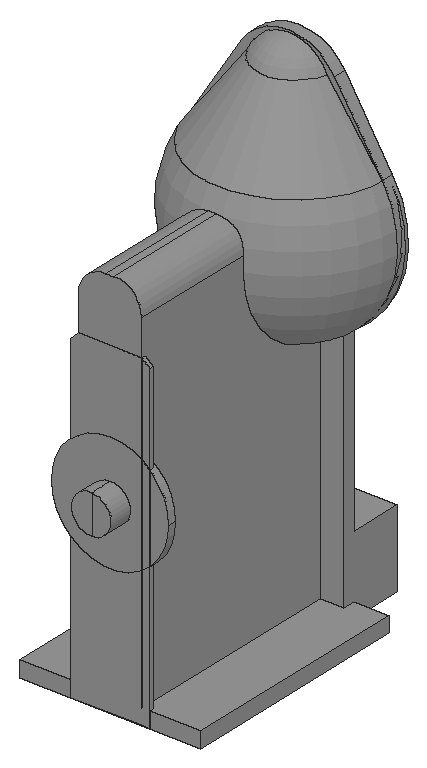
Revit family "Toilet-Willoughby-1490--ETF-FM-12-BS-FA", category Plumbing Fixtures, host Face, Revit 2014
Parameters (values of type "Standard")
  Waste DIA = 2 1/2"
  Waste Connection = yes
  W-RAD [instance] = Waste DIA / 2  # 0' - 1 1/4"
  URL = "www.willoughby-ind.com"
  Type Comments = "12\" Rough IN"
  Revision = "A"
  Model = "ETF-1490-FM-12-BS-FA"
  Manufacturer = "Willoughby Industries"
  Flush inlet DIA = 1 1/2"
  Fixture Body = Stainless Steel AISI 304-Willoughby
  F-RAD [instance] = Flush inlet DIA / 2  # 0' - 0 3/4"
  Description = "Floor Mounted Toilet"
  Default Elevation = 0' - 0"
  Contact Number = "(800) 428-4065"
  CW Connection = yes
Reference planes (in)
  plane 1 "Base": y = -16.25
  plane 2: z = 0
  plane 3 "Center": x = 18.31072
  plane 4 "Waste height": y = -4.75
  plane 5: y = -1.25
  plane 6: z = -6.75
  plane 7: y = -2.125
  plane 8: y = -14.0625
  plane 9: y = 0
  plane 10: x = 16.56072
  plane 11: x = 20.06072
  plane 12: x = 11.56072
  plane 13: x = 25.06072
  plane 14: z = 23
  plane 15: z = 30.75
  plane 16: x = 15.81072
  plane 17: x = 20.81072
  plane 18: x = 16.31072
  plane 19: x = 20.31072
  plane 20: z = 12
  plane 21: x = 12.56072
  plane 22: x = 24.06072
  plane 23: y = 2.75
  plane 24: z = 32.75
  plane 25: z = 25
Forms (in)
  Extrusion 1, solid, material "Stainless Steel AISI 304-Willoughby" <- "Fixture Body"
    sketch origin (16.08109, 7.47968, -0.20225) x (-1, 0, 0) y (0, 0, -1)
      loop
        line (1.29775, -16.80087) -> (1.29775, -1.20225) -> (-5.72963, -1.20225) -> (-5.72963, -16.81676)
        arc (-5.72963, -16.81676) -> (-8.98136, -21.11843) -> (-8.21015, -26.45542) r 7
        line (-8.21015, -26.45542) -> (-5.16818, -31.31054)
        arc (-5.16818, -31.31054) -> (-2.20225, -32.95225) -> (0.76368, -31.31054) r 3.5
        line (0.76368, -31.31054) -> (3.80565, -26.45542)
        arc (3.80565, -26.45542) -> (4.5729, -21.10311) -> (1.29775, -16.80087) r 7
      loop
        arc (2.03989, -24.70557) -> (-2.20225, -18.23804) -> (-6.44438, -24.70557) r 4.625
        line (-6.44438, -24.70557) -> (-4.04125, -30.23842)
        arc (-4.04125, -30.23842) -> (-2.20225, -31.45225) -> (-0.36324, -30.23842) r 2
        line (-0.36324, -30.23842) -> (2.03989, -24.70557)
    from 8.72968 to 9.5
  Revolve 2, solid, material "Stainless Steel AISI 304-Willoughby" <- "Fixture Body"
    sketch origin (19.37246, -1.52032, 3.00169) x (-1, 0, 0) y (0, 0, -1)
      loop
        line (1.06174, -12.59906) -> (1.06174, -12.84906)
        arc (1.06174, -12.84906) -> (7.03046, -17.88333) -> (5.08904, -25.44643) r 7.34171
        line (5.08904, -25.44643) -> (3.31535, -27.91457)
        arc (3.31535, -27.91457) -> (2.42192, -29.02159) -> (1.06174, -29.43826) r 2.42844
        line (1.06174, -29.43826) -> (1.06174, -29.68826)
        arc (1.06174, -29.68826) -> (2.54295, -29.2403) -> (3.52767, -28.04656) r 2.67283
        line (3.52767, -28.04656) -> (7.06964, -23.19143)
        arc (7.06964, -23.19143) -> (7.15052, -16.14555) -> (1.06174, -12.59906) r 7
      axis (1.06174, -12.59906) -> (1.06174, -29.68826)
    angle from 0 to -180
  Extrusion 3, solid, material "Stainless Steel AISI 304-Willoughby" <- "Fixture Body"
    sketch origin (19.53334, -3.02032, -2.9508) x (0, 1, 0) y (0, 0, 1)
      loop
        line (-4.42257, 3.9508) -> (1.02643, 3.9508) -> (1.02643, 18.97156)
        arc (1.02643, 18.97156) -> (-2.31062, 20.32275) -> (-4.42257, 23.23845) r 6.52287
        line (-4.42257, 23.23845) -> (-4.42257, 3.9508)
    from 0.77738 to -3.22262
  Extrusion 4, solid, material "Stainless Steel AISI 304-Willoughby" <- "Fixture Body"
    sketch origin (18.31072, 0, -1) x (0, 1, 0) y (0, 0, 1)
      loop
        line (-1.25, 1) -> (2.25, 1) -> (2.25, 6) -> (-1.25, 6) -> (-1.25, 1)
    from -3.52738 to 3.5
  Extrusion 5, solid, material "Stainless Steel AISI 304-Willoughby" <- "Fixture Body", detail levels fine
    sketch origin (0, 0, 0) x (1, 0, 0) y (0, 1, 0)
      loop
        circle (18.31072, 0) r 0.75
    from -2.46088 to 1
  Extrusion 6, solid, material "Stainless Steel AISI 304-Willoughby" <- "Fixture Body"
    sketch origin (0, -16.25, 0) x (1, 0, 0) y (0, 0, 1)
      loop
        line (24.06072, 0) -> (24.06072, 1) -> (12.56072, 1) -> (12.56072, 0) -> (24.06072, 0)
    from -15 to 0
  Extrusion 7, solid, material "Stainless Steel AISI 304-Willoughby" <- "Fixture Body"
    sketch origin (0, -16.25, 2) x (1, 0, 0) y (0, 0, 1)
      loop
        line (20.31072, -1) -> (20.31072, 21.25)
        arc (20.31072, 21.25) -> (19.79816, 22.48744) -> (18.56072, 23) r 1.75
        line (18.56072, 23) -> (18.06072, 23)
        arc (18.06072, 23) -> (16.82328, 22.48744) -> (16.31072, 21.25) r 1.75
        line (16.31072, 21.25) -> (16.31072, -1) -> (20.31072, -1)
    from 0 to -8.80711
  Revolve 8, solid, material "Stainless Steel AISI 304-Willoughby" <- "Fixture Body"
    sketch origin (18.31072, 0, 0) x (0, 1, 0) y (0, 0, 1)
      loop
        line (-17.75, 12) -> (-14.75, 12) -> (-14.75, 13.25) -> (-17.75, 13.25) -> (-17.75, 12)
      axis (-14.75, 12) -> (-17.75, 12)
    angle from 0 to 360
  Extrusion 9, solid, material "Stainless Steel AISI 304-Willoughby" <- "Fixture Body"
    sketch origin (0, -16.25, 0) x (1, 0, 0) y (0, 0, 1)
      loop
        circle (18.31072, 12) r 3.75
    from 0 to -0.5
  Extrusion 10, solid, material "Stainless Steel AISI 304-Willoughby" <- "Fixture Body"
    sketch origin (0, -16.25, 0) x (1, 0, 0) y (0, 0, 1)
      loop
        line (20.31072, 0) -> (20.81072, 0) -> (20.81072, 20.50876) -> (20.31948, 21) -> (16.32652, 21) -> (15.81072, 20.4842) -> (15.81072, 0) -> (16.31072, 0) -> (20.31072, 0)
    from 0 to -0.25
Cuts and joins
  joined: Extrusion 1, Extrusion 3, Extrusion 4, Extrusion 6, Extrusion 7
Lines and regions (in)
  symbolic lines
    curve 1: line (24.06072, -16.25, 0) -> (12.56072, -16.25, 0)
    curve 2: line (11.28334, -2.02032, 0) -> (11.28334, -1.25, 0)
    curve 3: line (11.28334, -1.25, 0) -> (25.28334, -1.25, 0)
    curve 4: line (25.28334, -1.25, 0) -> (25.28334, -2.02032, 0)
    curve 5: arc (25.28334, -2.02032, 0) -> (23.08274, -6.65012, 0) -> (18.31072, -8.52239, 0) r 6.9694
    curve 6: arc (18.31072, -8.52239, 0) -> (13.52881, -6.64203, 0) -> (11.28334, -2.02032, 0) r 7.06935
    curve 7: line (24.06072, -5.51876, 0) -> (24.06072, -16.25, 0)
    curve 8: line (12.56072, -5.5387, 0) -> (12.56072, -16.25, 0)
    curve 9: line (14.78334, -1.25, 0) -> (14.78334, 2.25, 0)
    curve 10: line (14.78334, 2.25, 0) -> (21.81072, 2.25, 0)
    curve 11: line (21.81072, 2.25, 0) -> (21.81072, -1.25, 0)
    curve 12: line (14.56072, -16.25, 0) -> (14.56072, -15.75, 0)
    curve 13: line (14.56072, -15.75, 0) -> (16.31072, -15.75, 0)
    curve 14: line (20.31072, -15.75, 0) -> (22.06072, -15.75, 0)
    curve 15: line (22.06072, -15.75, 0) -> (22.06072, -16.25, 0)
    curve 16: line (14.78334, -16.25, 1) -> (12.56072, -16.25, 1)
    curve 17: line (12.56072, -16.25, 1) -> (12.56072, -16.25, 0)
    curve 18: line (12.56072, -16.25, 0) -> (24.06072, -16.25, 0)
    curve 19: line (24.06072, -16.25, 0) -> (24.06072, -16.25, 1)
    curve 20: line (24.06072, -16.25, 1) -> (21.81072, -16.25, 1)
    curve 21: line (21.81072, -16.25, 1) -> (21.81072, -16.25, 16.61451)
    curve 22: arc (21.81072, -16.25, 16.61451) -> (25.06245, -16.25, 20.91618) -> (24.29124, -16.25, 26.25317) r 7
    curve 23: line (24.29124, -16.25, 26.25317) -> (21.24927, -16.25, 31.1083)
    curve 24: arc (21.24927, -16.25, 31.1083) -> (18.28334, -16.25, 32.75) -> (15.31741, -16.25, 31.1083) r 3.5
    curve 25: line (15.31741, -16.25, 31.1083) -> (12.34391, -16.25, 26.26096)
    curve 26: arc (12.34391, -16.25, 26.26096) -> (11.52805, -16.25, 20.91587) -> (14.78334, -16.25, 16.59862) r 6.9627
    curve 27: line (14.78334, -16.25, 16.59862) -> (14.78334, -16.25, 1)
    curve 35: line (18.31072, -16.25, 0) -> (18.31072, 2.25, 0)
    curve 36: line (18.31072, 2.25, 0) -> (18.31072, 2.25, 5)
    curve 37: line (18.31072, 2.25, 5) -> (18.31072, -1.25, 5)
    curve 38: line (18.31072, -1.25, 5) -> (18.31072, -1.25, 32.75)
    curve 39: line (18.31072, -1.25, 32.75) -> (18.31072, -2.02032, 32.75)
    curve 40: arc (18.31072, -2.02032, 32.75) -> (18.31072, -3.19227, 32.11744) -> (18.31072, -3.98625, 31.04824) r 3.07117
    curve 41: line (18.31072, -3.98625, 31.04824) -> (18.31072, -7.52822, 26.19312)
    curve 42: arc (18.31072, -7.52822, 26.19312) -> (18.31072, -7.8365, 25.61059) -> (18.31072, -8.08458, 25) r 6.54031
    curve 43: line (18.31072, -8.08458, 25) -> (18.31072, -16.25, 25)
    curve 44: line (18.31072, -16.25, 25) -> (18.31072, -16.25, 0)
    curve 45: line (18.31072, -16.25, 1) -> (18.31072, -2.02032, 1)
    curve 46: line (18.31072, -2.02032, 1) -> (18.31072, -2.02032, 16.59862)
    curve 47: line (18.31072, -2.02032, 16.59862) -> (18.31072, -1.25, 16.59862)
    curve 48: arc (18.31072, -2.02032, 15.84862) -> (18.31072, -5.37911, 17.1802) -> (18.31072, -7.68344, 19.96311) r 7.27697
    curve 49: arc (18.31072, -7.68344, 19.96311) -> (18.31072, -8.15448, 21.44571) -> (18.31072, -8.21893, 23) r 5.86144
    curve 50: arc (18.31072, -8.21893, 23) -> (18.31072, -8.13946, 23.99917) -> (18.31072, -8.08458, 25) r 40.7785
  symbolic lines, detail levels fine
    curve 28: arc (14.78334, -16.25, 13.27282) -> (14.56072, -16.25, 12) -> (14.78334, -16.25, 10.72718) r 3.75
    curve 29: arc (21.81072, -16.25, 10.65371) -> (22.06072, -16.25, 12) -> (21.81072, -16.25, 13.34629) r 3.75
    curve 30: arc (14.0412, -16.25, 24.50332) -> (18.28334, -16.25, 18.0358) -> (22.52547, -16.25, 24.50332) r 4.625
    curve 31: line (22.52547, -16.25, 24.50332) -> (20.12234, -16.25, 30.03617)
    curve 32: arc (20.12234, -16.25, 30.03617) -> (18.28334, -16.25, 31.2424) -> (16.44433, -16.25, 30.03617) r 2.00498
    curve 33: line (16.44433, -16.25, 30.03617) -> (14.0412, -16.25, 24.50332)
  symbolic lines, detail levels medium+fine
    curve 34: line (21.81072, -16.25, 5) -> (14.78334, -16.25, 5)
Dimensions and locks (in)
  plane 1 "Base" to plane 5 = 1' - 3"
  plane 1 "Base" to plane 9 = 1' - 4 1/4"
  level to plane 15 = 2' - 6 3/4"
  plane 21 to plane 22 = 0' - 11 1/2"  (x2)
  plane 13 to plane 22 = 0' - 1"
  plane 18 to plane 19 = 0' - 4"
  plane 20 to plane 2 = 1' - 0"
  plane 9 to plane 1 "Base" = 1' - 4 1/4"
  "F-RAD": radius of Extrusion 5 sketch curve
  aligned and locked: plane 2 to host face
  aligned and locked: level to host face
  aligned and locked: plane 9 to Extrusion 5 sketch curve
  aligned and locked: plane 3 "Center" to Extrusion 5 sketch curve
  aligned and locked: Revolve 8 sketch curve to Revolve 8 sketch curve  (x2)
Automatic sketch dimensions
  host sketch curve to host sketch curve = 4' - 6.8949"
  host sketch curve to host sketch curve = 3' - 5.11225"
  Extrusion 1 sketch curve to Extrusion 1 sketch curve = 0' - 0"  (x8)
  level to Extrusion 1 sketch curve = 0' - 1"
  plane 3 "Center" to Extrusion 1 sketch curve = 0' - 5.98052"
  Extrusion 1 sketch curve to Extrusion 1 sketch curve = 0' - 1.76576"  (x2)
  plane 3 "Center" to Extrusion 1 sketch curve = 0' - 3 1/2"
  plane 3 "Center" to Extrusion 1 sketch curve = 0' - 2.93855"
  Extrusion 1 sketch curve to Extrusion 1 sketch curve = 0' - 1.12693"  (x2)
  Extrusion 1 sketch curve to plane 3 "Center" = 0' - 0.02738"  (x2)
  Extrusion 1 sketch curve to plane 3 "Center" = 0' - 1.86639"
  Extrusion 1 sketch curve to plane 3 "Center" = 0' - 3.52738"
  Extrusion 1 sketch curve to plane 3 "Center" = 0' - 4 69/256"
  Extrusion 1 sketch curve to Extrusion 1 sketch curve = 1' - 3.59862"
  Extrusion 1 sketch curve to Extrusion 1 sketch curve = 0' - 0.01589"
  Extrusion 1 sketch curve to Extrusion 1 sketch curve = 0' - 6.06218"
  Extrusion 1 sketch curve to Extrusion 1 sketch curve = 0' - 1.74985"
  Extrusion 1 sketch curve to Extrusion 1 sketch curve = 0' - 4.74668"
  Extrusion 1 sketch curve to Extrusion 1 sketch curve = 0' - 0.78617"
  Extrusion 1 sketch curve to Extrusion 1 sketch curve = 0' - 1.07212"
  Extrusion 4 sketch curve to level = 0' - 0"
  Extrusion 4 sketch curve to plane 5 = 0' - 0"
  Extrusion 4 sketch curve to plane 9 = 0' - 2 1/4"
  level to Extrusion 4 sketch curve = 0' - 5"
  Extrusion 6 sketch curve to level = 0' - 0"
  level to Extrusion 6 sketch curve = 0' - 1"
  plane 12 to Extrusion 6 sketch curve = 0' - 1"
  Extrusion 6 sketch curve to plane 13 = 0' - 1"
  level to Extrusion 3 sketch curve = 0' - 1"
  plane 4 "Waste height" to Extrusion 3 sketch curve = 0' - 2.69289"
  plane 7 to Extrusion 3 sketch curve = 0' - 0.13111"
  plane 5 to Extrusion 3 sketch curve = 0' - 0.05941"
  Extrusion 3 sketch curve to plane 14 = 0' - 0.49238"
  Extrusion 3 sketch curve to Extrusion 3 sketch curve = 0' - 6.48686"
  Revolve 8 sketch curve to plane 20 = 0' - 0"
  plane 1 "Base" to Revolve 8 sketch curve = 0' - 1 1/2"
  plane 8 to Revolve 8 sketch curve = 0' - 0 11/16"
  plane 20 to Revolve 8 sketch curve = 0' - 1 1/4"
  Revolve 8 sketch curve to Revolve 8 sketch curve = 0' - 0"
  Revolve 2 sketch curve to plane 3 "Center" = 0' - 0"  (x3)
  plane 3 "Center" to Revolve 2 sketch curve = 0' - 0"
  Revolve 2 sketch curve to plane 11 = 0' - 0.72567"
  plane 18 to Revolve 2 sketch curve = 0' - 0.25361"
  Revolve 2 sketch curve to Revolve 2 sketch curve = 0' - 0.21232"
  plane 12 to Revolve 2 sketch curve = 0' - 0.7421"
  plane 15 to Revolve 2 sketch curve = 0' - 1.93995"
  Revolve 2 sketch curve to Revolve 2 sketch curve = 0' - 0 1/4"  (x2)
  plane 15 to Revolve 2 sketch curve = 0' - 0.29824"
  Revolve 2 sketch curve to Revolve 2 sketch curve = 0' - 0.13199"
  plane 14 to Revolve 2 sketch curve = 0' - 3.19312"
  plane 14 to Revolve 2 sketch curve = 0' - 0.12065"
  Revolve 2 sketch curve to Revolve 2 sketch curve = 0' - 0.51991"
  plane 18 to Revolve 2 sketch curve = 0' - 2.0273"
  plane 14 to Revolve 2 sketch curve = 0' - 2.93995"
  Revolve 2 sketch curve to Revolve 2 sketch curve = 0' - 2.4108"
  Extrusion 9 sketch curve to plane 3 "Center" = 0' - 0"
  Extrusion 9 sketch curve to plane 20 = 0' - 0"
  plane 18 to Extrusion 7 sketch curve = 0' - 0"
  Extrusion 7 sketch curve to plane 25 = 0' - 0"
  plane 19 to Extrusion 7 sketch curve = 0' - 0"
  Extrusion 7 sketch curve to plane 3 "Center" = 0' - 0 1/4"
  plane 3 "Center" to Extrusion 7 sketch curve = 0' - 0 1/4"
  level to Extrusion 7 sketch curve = 0' - 1"
  Extrusion 10 sketch curve to level = 0' - 0"
  plane 18 to Extrusion 10 sketch curve = 0' - 0"
  Extrusion 10 sketch curve to plane 18 = 0' - 0.0158"
  Extrusion 10 sketch curve to plane 19 = 0' - 0.00876"
  plane 19 to Extrusion 10 sketch curve = 0' - 0"
  Extrusion 10 sketch curve to Extrusion 10 sketch curve = 0' - 0 1/2"
  Extrusion 10 sketch curve to plane 19 = 0' - 0 1/2"
  Extrusion 10 sketch curve to plane 14 = 0' - 2.49124"
  Extrusion 10 sketch curve to Extrusion 10 sketch curve = 0' - 0.49124"
  Extrusion 10 sketch curve to Extrusion 10 sketch curve = 0' - 0.5158"
  plane 5 to curve 3 = 0' - 0"
  curve 8 to plane 21 = 0' - 0"
  curve 13 to plane 18 = 0' - 0"
  curve 5 to plane 3 "Center" = 0' - 0"
  curve 6 to plane 3 "Center" = 0' - 0"
  curve 14 to plane 19 = 0' - 0"
  plane 1 "Base" to curve 15 = 0' - 0"
  curve 7 to plane 22 = 0' - 0"
  curve 2 to plane 12 = 0' - 0.27738"
  curve 13 to plane 1 "Base" = 0' - 0 1/2"
  plane 18 to curve 13 = 0' - 1 3/4"
  curve 10 to plane 23 = 0' - 0 1/2"
  plane 18 to curve 10 = 0' - 1.52738"
  plane 3 "Center" to curve 5 = 0' - 0.0189"
  plane 3 "Center" to curve 6 = 0' - 0.01918"
  curve 11 to plane 19 = 0' - 1 1/2"
  curve 11 to curve 4 = 0' - 3.47262"
  plane 7 to curve 2 = 0' - 0.10468"
  plane 7 to curve 4 = 0' - 0.10468"
  curve 15 to plane 19 = 0' - 1 3/4"
  curve 14 to plane 1 "Base" = 0' - 0 1/2"
  curve 22 to curve 30 = 0' - 0"  (x2)
  curve 28 to curve 29 = 0' - 0"  (x2)
  curve 17 to level = 0' - 0"
  plane 21 to curve 17 = 0' - 0"
  curve 29 to plane 3 "Center" = 0' - 0"
  plane 22 to curve 19 = 0' - 0"
  curve 29 to plane 20 = 0' - 0"
  plane 21 to curve 25 = 0' - 0.21681"
  plane 15 to curve 25 = 0' - 0.3583"
  plane 18 to curve 25 = 0' - 0.99331"
  curve 33 to plane 10 = 0' - 0.11639"
  curve 26 to plane 3 "Center" = 0' - 0.0318"
  curve 32 to plane 3 "Center" = 0' - 0.02738"
  curve 30 to plane 3 "Center" = 0' - 0.02738"
  curve 24 to curve 32 = 0' - 0"
  plane 11 to curve 31 = 0' - 0.06162"
  plane 15 to curve 23 = 0' - 0.3583"
  curve 21 to plane 19 = 0' - 1 1/2"
  curve 31 to plane 25 = 0' - 0.49668"
  plane 22 to curve 31 = 0' - 1.53525"
  curve 23 to plane 22 = 0' - 0.23052"
  level to curve 17 = 0' - 1"
  level to curve 19 = 0' - 1"
  plane 20 to curve 27 = 0' - 4.59862"
  plane 20 to curve 21 = 0' - 4.61451"
  curve 26 to plane 14 = 0' - 0.37975"
  curve 26 to curve 22 = 0' - 0.04055"
  curve 32 to plane 15 = 0' - 1.51258"
  curve 32 to curve 24 = 0' - 0.01258"
  curve 31 to plane 15 = 0' - 0.71383"
  curve 33 to plane 25 = 0' - 0.49668"
  curve 30 to curve 33 = 0' - 0"
  plane 18 to curve 34 = 0' - 1.52738"
  curve 20 to curve 34 = 0' - 4"
  curve 29 to plane 20 = 0' - 1.34629"
  curve 28 to plane 20 = 0' - 1.27282"
  curve 43 to plane 1 "Base" = 0' - 0"
  curve 50 to plane 14 = 0' - 0"
  curve 50 to plane 25 = 0' - 0"
  curve 39 to plane 24 = 0' - 0"
  curve 47 to plane 5 = 0' - 0"
  curve 36 to level = 0' - 0"
  plane 25 to curve 50 = 0' - 1.73221"
  plane 25 to curve 41 = 0' - 1.19312"
  curve 43 to curve 41 = 0' - 0.55636"
  plane 15 to curve 41 = 0' - 0.29824"
  curve 41 to plane 4 "Waste height" = 0' - 0.76375"
  curve 49 to plane 7 = 0' - 0.25709"
  plane 7 to curve 39 = 0' - 0.10468"
  plane 7 to curve 47 = 0' - 0.10468"
  curve 42 to plane 14 = 0' - 0.15346"
  curve 40 to plane 5 = 0' - 0.06775"
  plane 14 to curve 48 = 0' - 0.06739"
  curve 48 to plane 5 = 0' - 0.14819"
  curve 36 to plane 23 = 0' - 0 1/2"
  level to curve 45 = 0' - 1"
  curve 45 to curve 38 = 0' - 4"
  plane 20 to curve 47 = 0' - 4.59862"
  curve 49 to plane 14 = 0' - 0.53646"
  curve 49 to curve 42 = 0' - 0.13434"
  curve 50 to curve 49 = 0' - 0"
  curve 48 to curve 49 = 0' - 0"
  radius of Extrusion 9 sketch curve = 0' - 3 3/4"
Connectors (in)
  piping at (18.31072, 0, 1), diameter 1.5, driven by "F-RAD", driven by "CW Connection"
    settings: on Extrusion 5, index 2, connector inside diameter 1 1/2", connector length 0' - 0", flow factor 0, pipe flow 0 GPM, pressure drop 0.00 psi, fitting loss kfactor 0, connector angle 0.00°, fixture units 0, engagement length 0' - 0", angle of deflection 0.00°, flow configuration 0, flow direction 1, fitting loss method 0, system type 20, joint type 0, gender type 0, connector reference index -1, connector utility 1, adjustable connector no, is connector primary yes, connector description "Flush Inlet"
  piping at (18.31072, -17.75, 12), diameter 2.5, driven by "W-RAD", driven by "Waste Connection"
    settings: on Revolve 8, index 4, connector inside diameter 24", connector length 0' - 0", flow factor 0, pipe flow 1.6 GPM, pressure drop 0.00 psi, fitting loss kfactor 0, connector angle 0.00°, fixture units 0, engagement length 0' - 0", angle of deflection 0.00°, flow configuration 0, flow direction 2, fitting loss method 0, system type 16, joint type 0, gender type 0, connector reference index -1, connector utility 1, adjustable connector no, is connector primary no, connector description "Toilet Waste"
